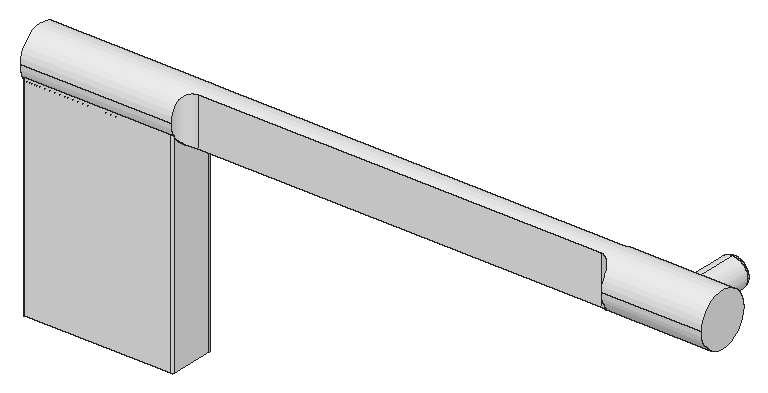
Revit family "Toilet Roll Holder-Dorf Enigma", category Specialty Equipment, host Face, Revit 2014
Parameters (values of type "Standard")
  URL = "http://specify.caroma.com.au"
  Type Comments = "Dorf EnigmaToilet Roll Holder"  # constant formula
  ModifiedIssue_ANZRS = 20160318.54  # constant formula
  Model = "6580.04"  # constant formula
  Material_ANZRS = Metal-Chrome-Caroma
  Manufacturer = "GWA Bathrooms&Kitchens"  # constant formula
  Description = "TBC"  # constant formula
  Default Elevation = 900 mm
  CreatedBy_ANZRS = "Design Content"  # constant formula
  CreatedByURL_ANZRS = "http://www.designcontent.com.au/"
  Cost = 0
  Assembly Code = "C1030200"
Reference planes
  plane 1 "Center (Elevation)": y = 0
  plane 2 "Back": z = 0
  plane 3 "Center (Left/Right)": x = 0
Forms (mm)
  Extrusion 1, solid, material "Metal-Chrome-Caroma" <- "Material_ANZRS"
    sketch origin (-205, 1524, 1219.2) x (0, 1, 0) y (0, 0, 1)
      loop
        circle (-1523.938, -1152.239) r 7.8
    from 182.5 to 385.5
  Extrusion 2, void
    sketch origin (0.156, 0, 0) x (1, 0, 0) y (0, 1, 0)
      loop
        line (146.422, -3) -> (26.5, -3)
        arc (26.5, -3) -> (23.244, -4.564) -> (22.432, -8.084) r 4.17
        line (22.432, -8.084) -> (150.539, -8.084)
        arc (150.539, -8.084) -> (149.693, -4.56) -> (146.422, -3) r 4.209
      loop
        arc (146.422, 3.124) -> (149.732, 4.733) -> (150.511, 8.331) r 4.209
        line (150.511, 8.331) -> (22.461, 8.331)
        arc (22.461, 8.331) -> (23.205, 4.738) -> (26.5, 3.124) r 4.17
        line (26.5, 3.124) -> (146.422, 3.124)
    from 54.868 to 78.678
  Revolve 3, solid, material "Metal-Chrome-Caroma" <- "Material_ANZRS"
    sketch origin (168.496, 1524, 1219.2) x (0, 1, 0) y (0, 0, 1)
      loop
        line (-1504.247, -1152.2) -> (-1504.247, -1148.727)
        arc (-1504.247, -1148.727) -> (-1504.541, -1148.018) -> (-1505.25, -1147.725) r 1.003
        line (-1505.25, -1147.725) -> (-1524.303, -1147.725) -> (-1524.303, -1152.2) -> (-1504.247, -1152.2)
      axis (-1504.247, -1152.2) -> (-1524.303, -1152.2)
    angle from 0 to 360
  Extrusion 4, solid, material "Metal-Chrome-Caroma" <- "Material_ANZRS"
    sketch origin (0, 0, 0) x (1, 0, 0) y (0, 1, 0)
      loop
        line (21.864, 7) -> (-21.9, 7)
        arc (-21.9, 7) -> (-22.324, 6.824) -> (-22.5, 6.4) r 0.6
        line (-22.5, 6.4) -> (-22.5, -6.362)
        arc (-22.5, -6.362) -> (-22.313, -6.813) -> (-21.862, -7) r 0.638
        line (-21.862, -7) -> (21.9, -7)
        arc (21.9, -7) -> (22.324, -6.824) -> (22.5, -6.4) r 0.6
        line (22.5, -6.4) -> (22.5, 6.364)
        arc (22.5, 6.364) -> (22.314, 6.814) -> (21.864, 7) r 0.636
    from 0 to 63.755
Cuts and joins
  Extrusion 2 cuts Extrusion 1
  joined: Extrusion 1, Revolve 3
Dimensions and locks
  equal spacing: host sketch curve, plane 3 "Center (Left/Right)", host sketch curve
  equal spacing: host sketch curve, plane 1 "Center (Elevation)", host sketch curve
  aligned and locked: plane 2 "Back" to host face
  aligned and locked: level to host face
  aligned and locked: Extrusion 4 to level
